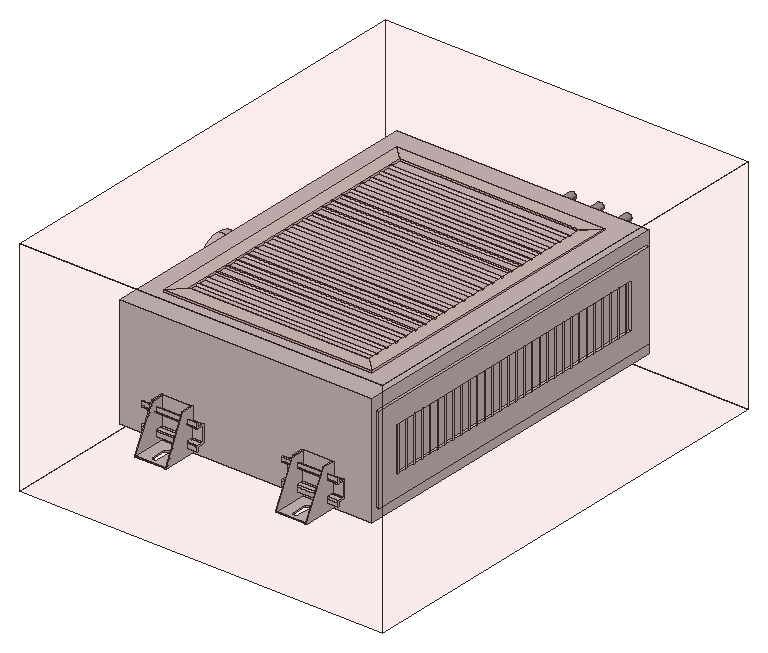
Revit family "York CB-ABB-YK - Horizontal Throw, Bulkhead Mounted Active Chilled Beam,Face Base, Revit 2015 R1.0", category Mechanical Equipment, host Face, Revit 2015
Parameters (values of type "CB-ABB-YK")
  Y-Center Distance = 3/8"  # constant formula
  X-Center Distance = 3/8"  # constant formula
  Select the Water-Coil Connection Side = 1
  Visibilty Of Return Grille Type = if(or([BC-Egg Crate Grille], [LV-Louvered Grille], [Linear Bar Grille(BL)]), 1 = 1, 1 = 0)  # yes
  Visibility Of Perforation Plate = [CP-Circular Perforation]  # no
  Pipe Rotation Angle = if([L - Left Hand], 180.00°, 0.00°)  # 180.00°
  Pipe R = 1/4"  # constant formula
  Pipe Length = A / 2 + 2"  # 14 7/16"
  Pipe L = 2"  # constant formula
  Pipe Distance X5 = 6"  # constant formula
  Pipe Distance X3 = if([2P1C - 2 Pipe Coil], 0", 2")  # 2"
  Pipe Distance X2 = if([2P1C - 2 Pipe Coil], 0", 4")  # 4"
  Pipe Distance X1 = 8"  # constant formula
  Pipe Coil Material = Copper
  Mounting Bracket Visibility = yes
  Min Flow = 0 CFM
  Max Flow = 0 CFM
  Material Selected [instance] = "Galvanealed G90,20 GA Sheet Metal"  # constant formula
  Linear Bar Visibilty = or([Linear Bar Grille(BL)], [BC-Egg Crate Grille])  # no
  Distance = if([4 Pipe LHC], 3", 0")  # 3"
  Dia Of Hole = 3/16"  # constant formula
  Coil Accessory [instance] = ""
  Clearance Visible [instance] = yes
  Clearance Material = Clearance
  Bracket Length = 4"  # constant formula
  Bracket Distance = 1"  # constant formula
  Box Width = 18 1/8"  # constant formula
  Select a Supply Grille = 1
  Sensible Cooling Capacity [instance] = Cooling Air Capacity + Cooling Water Capacity  # 0.0 Btu/h
  Selected Water-Coil Connection Side [instance] = if([L - Left Hand], "L - Left Hand ", if([R - Right Hand], "R - Right Hand", "Invalid Selection"))  # "L - Left Hand "
  Selected Supply Grille Type [instance] = if([L1-Louvered Grille,Single Deflection], "L1-Louvered Grille,Single Deflection", "BL-Linear Bar Grille")  # "L1-Louvered Grille,Single Deflection"
  Selected Return Grille Type [instance] = if([00-None], "00-None", if([CP-Circular Perforation], "CP-Circular Perforation", if([Linear Bar Grille(BL)], "Linear Bar Grille(BL)", if([LV-Louvered Grille], "LV-Louvered Grille", if([BC-Egg Crate Grille], "BC-Egg Crate Grille", "")))))  # "LV-Louvered Grille"
  Selected Air Inlet Size [instance] = if([4" Dia.], "4'' Dia. ", if([5" Dia.], "5'' Dia.", if([6" Dia.], "6'' Dia.", if([8" Dia.], "8'' Dia.", "Invalid Selection"))))  # "4'' Dia. "
  R - Right Hand = [Select the Water-Coil Connection Side] > 1  # no
  Plate Width = 15"  # constant formula
  Plate Support Width = 14"  # constant formula
  Plate Support Height = B / 1.05  # 20"
  L - Left Hand = [Select the Water-Coil Connection Side] < 2  # yes
  Select the Plenum Liner (External) = 1
  M - Manual Air Vent [instance] = 1 = 1  # yes
  E = if([6" Dia.], 6 1/4", if([8" Dia.], 9 3/8", 6 1/4"))  # 6 1/4"
  D - Drain [instance] = no
  D = if([4" Dia.], 3 7/8", if([5" Dia.], 4 7/8", if([6" Dia.], 5 1/4", if([8" Dia.], 5 1/4", 3 7/8"))))  # 3 7/8"
  C = if([2 Feet], 24 1/4", if([3 Feet], 36 1/4", if([4 Feet], 48 1/4", if([5 Feet], 60 1/4", if([6 Feet], 69", 72 1/4")))))  # 24 1/4"
  BC-Egg Crate Grille = Select a Return Grille > 4  # no
  B = if([2 Feet], 21", if([3 Feet], 33", if([4 Feet], 45", if([5 Feet], 57", if([6 Feet], 69", 21")))))  # 21"
  Angle = if([L - Left Hand], 90.00°, 270.00°)  # 90.00°
  A1 = A / 2  # 12 7/16"
  A = if([2 Feet], 24 7/8", if([3 Feet], 36 7/8", if([4 Feet], 48 7/8", if([5 Feet], 60 7/8", if([6 Feet], 72 7/8", 24 7/8")))))  # 24 7/8"
  4 Pipe LHC = [4P1C - 4 Pipe Coil]  # yes
  2 Pipe LHC = or([2P1C - 2 Pipe Coil], [4P1C - 4 Pipe Coil])  # yes
  Water Connection Location Selection = 0
  Version = 3
  Velocity Pressure [instance] = 0.00 in-wg
  URL = "http://www.york.com"
  Total Static Pressure [instance] = 0.00 in-wg
  Total Heating Capacity [instance] = Heating Air Capacity + Heating Water Capacity  # 0.0 Btu/h
  York Products [instance] = "http://www.york.com/for-your-workplace/air-systems/chilled-beams"
  Select a Return Grille = 4
  Throw [instance] = "0"
  Supply Air Pressure Drop [instance] = 0.00 in-wg
  Series = "Chilled Beam"
  Selected Water-Coil Pipe Connection Type [instance] = if([SWT - Sweat], "SWT - Sweat", if([MPT - Male Pipe Thread], "MPT - Male Pipe Thread", if([H12 - SS Flex Hose - 12in], "H12 - SS Flex Hose - 12in", if([H18 - SS Flex Hose - 18in], "H18 - SS Flex Hose - 18in", if([H24 - SS FLex Hose - 24in], "H24 - SS FLex Hose - 24in", "Contact a York Rep")))))  # "SWT - Sweat"
  Selected Air Nozzle Configuration [instance] = if(B1, "B1", if(B2, "B2", if(B3, "B3", if(B4, "B4", ""))))  # "B1"
  Selected Finish [instance] = if([26 White], "26 White", if([84- Black Paint], "84- Black Paint", "X - Special Finish"))  # "26 White"
  Selected Water-Coil Type [instance] = if([2P1C - 2 Pipe Coil], "2P1C - 2 Pipe Coil ", if([4P1C - 4 Pipe Coil], "4P1C - 4 Pipe Coil", "Invalid Selection"))  # "4P1C - 4 Pipe Coil"
  Selected Nominal Beam Length [instance] = if([2 Feet], "2 Feet", if([3 Feet], "3 Feet", if([4 Feet], "4 Feet", if([5 Feet], "5 Feet", if([6 Feet], "6 Feet", "Invalid Selection")))))  # "2 Feet"
  SWT - Sweat = [Select a Water-Coil Piping Connection Type] < 2  # yes
  Room Tag [instance] = "[Enter Tag Here]"
  Relative Humidity [instance] = 0.00%
  Product Manufacturer [instance] = "York"  # constant formula
  Product Documents [instance] = "http://www.york.com/for-your-workplace/air-systems/chilled-beams/horizontal-recessed-active-chilledbulkhead-beam"
  Select a Water-Coil Piping Connection Type = 1
  00-None = Select a Return Grille < 2  # no
  Contoller Software [instance] = "http://www.york.com/Search?searchString=software#"
  Performance Data Sheets [instance] = "http://www.johnsoncontrols.com/-/media/jci/be/united-states/airside-systems/chilled-beams/files/chilled-beams-side-wall-bulkhead-engineering-guide.pdf?la=en"
  Select an Air Nozzle Configuration = 1
  Noise Criteria (dB) [instance] = 0
  Neck Velocity [instance] = 0 FPM
  Neck Size = 10"
  Model Description [instance] = if(and([2P1C - 2 Pipe Coil], [L - Left Hand]), " CB-ABB-YK, 2 - Pipe Coil,Left Hand", if(and([2P1C - 2 Pipe Coil], [R - Right Hand]), " CB-ABB-YK, 2 - Pipe Coil, Right Hand", if(and([4P1C - 4 Pipe Coil], [L - Left Hand]), " CB-ABB-YK, 4 - Pipe Coil, Left Hand", if(and([4P1C - 4 Pipe Coil], [R - Right Hand]), " CB-ABB-YK, 4 - Pipe Coil, Right Hand", " Select a Model"))))  # " CB-ABB-YK, 4 - Pipe Coil, Left Hand"
  Model = if(and([2P1C - 2 Pipe Coil], [L - Left Hand]), " CB-ABB-YK, 2 - Pipe Coil,Left Hand", if(and([2P1C - 2 Pipe Coil], [R - Right Hand]), " CB-ABB-YK, 2 - Pipe Coil, Right Hand", if(and([4P1C - 4 Pipe Coil], [L - Left Hand]), " CB-ABB-YK, 4 - Pipe Coil, Left Hand", if(and([4P1C - 4 Pipe Coil], [R - Right Hand]), " CB-ABB-YK, 4 - Pipe Coil, Right Hand", " Select a Model"))))  # " CB-ABB-YK, 4 - Pipe Coil, Left Hand"
  Select a Finish = 1
  Material = Galvanealed G90,20 GA Sheet Metal
  Manufacturer = "York"  # constant formula
  MPT - Male Pipe Thread = [Select a Water-Coil Piping Connection Type] = 2  # no
  L - ½” EcoShield (Foil Face) = [Select the Plenum Liner (External)] > 1  # no
  BL-Linear Bar Grille = Select a Supply Grille > 1  # no
  Heating Water Leaving Temperature [instance] = 0 °F
  Heating Water Entering Temperature [instance] = 0 °F
  Heating Water Connection Diameter = 1/2"  # constant formula
  Heating Water Capacity [instance] = 0.0 Btu/h
  Heating Leaving Dry Bulb Temperature [instance] = 0 °F
  Heating Entering Dry Bulb Temperature [instance] = 0 °F
  Heating Coil Water Pressure Drop [instance] = 0.00 psi
  Heating Air Capacity [instance] = 0.0 Btu/h
  H24 - SS FLex Hose - 24in = [Select a Water-Coil Piping Connection Type] > 4  # no
  H18 - SS Flex Hose - 18in = [Select a Water-Coil Piping Connection Type] = 4  # no
  H12 - SS Flex Hose - 12in = [Select a Water-Coil Piping Connection Type] = 3  # no
  Linear Bar Grille(BL) = Select a Return Grille = 3  # no
  Design Supply Air Flow [instance] = 0 CFM
  Description = "Concealed Bulkhead Mounted Active Chilled Beam"  # constant formula
  Default Elevation = 0"
  0-No Insulation = [Select the Plenum Liner (External)] < 2  # yes
  Copyright © [instance] = "©2018, York"  # constant formula
  Cooling Water Capacity [instance] = 0.0 Btu/h
  Cooling Leaving Dry Bulb Temperature [instance] = 0 °F
  Cooling Entering Dry Bulb Temperature [instance] = 0 °F
  Cooling Coil Water Pressure Drop [instance] = 0.00 psi
  Cooling Air Capacity [instance] = 0.0 Btu/h
  Contact a York Rep [instance] = "http://www.york.com/for-your-home/find-a-dealer?q="
  Select a Water-Coil Type = 2
  L1-Louvered Grille,Single Deflection = Select a Supply Grille < 2  # yes
  Chilled Water Leaving Temperature [instance] = 0 °F
  Chilled Water Entering Temperature [instance] = 0 °F
  Chilled Water Connection Diameter = 1/2"  # constant formula
  Select a Nominal Beam Length = 1
  B4 = Select an Air Nozzle Configuration > 3  # no
  B3 = Select an Air Nozzle Configuration = 3  # no
  B2 = Select an Air Nozzle Configuration = 2  # no
  B1 = Select an Air Nozzle Configuration < 2  # yes
  LV-Louvered Grille = Select a Return Grille = 4  # yes
  Assembly Code = ""
  Ambient Temperature [instance] = 0 °F
  Air Inlet Front Adapter Visibility = no
  Select an Air Inlet Size = 1
  Air Flow Pattern [instance] = "0"
  Actual Heating Water Flow [instance] = 0 GPM
  Actual Chilled Water Flow [instance] = 0 GPM
  Selected Plenum Liner (External) [instance] = if([0-No Insulation], "0-No Insulation", "L - ½” EcoShield (Foil Face)")  # "0-No Insulation"
  Model Selected [instance] = Model Description  # " CB-ABB-YK, 4 - Pipe Coil, Left Hand"
  84- Black Paint = Select a Finish > 1  # no
  8" Dia. = Select an Air Inlet Size > 3  # no
  6" Dia. = Select an Air Inlet Size = 3  # no
  6 Feet = Select a Nominal Beam Length > 4  # no
  5" Dia. = Select an Air Inlet Size = 2  # no
  5 Feet = Select a Nominal Beam Length = 4  # no
  4P1C - 4 Pipe Coil = [Select a Water-Coil Type] > 1  # yes
  4" Dia. = Select an Air Inlet Size < 2  # yes
  4 Feet = Select a Nominal Beam Length = 3  # no
  3 Feet = Select a Nominal Beam Length = 2  # no
  2P1C - 2 Pipe Coil = [Select a Water-Coil Type] < 2  # no
  26 White = Select a Finish < 2  # yes
  2 Feet = Select a Nominal Beam Length < 2  # yes
  CP-Circular Perforation = Select a Return Grille = 2  # no
  (2) Back Supply = Water Connection Location Selection > 1  # no
  (1) Front Supply = Water Connection Location Selection = 1  # no
  (0) Front and Back Supply = Water Connection Location Selection < 1  # yes
Reference planes (in)
  plane 1 "Center (Front/Back)": y = 0
  plane 2: z = 0
  plane 3 "Center (Left/Right)": x = 0
  plane 4: x = -9.0625
  plane 5: x = 9.0625
  plane 6: z = -8
  plane 7: y = 12.4375
  plane 8: y = -12.4375
  plane 9: z = 0.25
  plane 10: y = 10
  plane 11: y = -10
  plane 12: x = -7
  plane 13: x = 7
  plane 14: z = -4
  plane 15: z = -2
Forms (in)
  Extrusion 1, void
    sketch origin (0, 0, 0) x (1, 0, 0) y (0, 1, 0)
      loop
        line (-9.0625, 12.4375) -> (-9.0625, -12.4375) -> (9.0625, -12.4375) -> (9.0625, 12.4375) -> (-9.0625, 12.4375)
    from 0 to -8
  Extrusion 2, solid, material "Galvanealed G90,20 GA Sheet Metal" <- "Material", detail levels medium+fine
    sketch origin (0, 0, 0) x (1, 0, 0) y (0, 1, 0)
      loop
        line (-9.0625, 12.4375) -> (-9.0625, -12.4375) -> (9.0625, -12.4375) -> (9.0625, 12.4375) -> (-9.0625, 12.4375)
    from 0 to -8
  Extrusion 3, solid, material "Galvanealed G90,20 GA Sheet Metal" <- "Material", detail levels medium+fine
    sketch origin (0, 0, 0) x (1, 0, 0) y (0, 1, 0)
      loop
        line (-7, 10) -> (-7, -10) -> (7, -10) -> (7, 10) -> (-7, 10)
    from 0 to 0.25
  Extrusion 4, solid, material "Clearance" <- "Clearance Material", visible <- "Clearance Visible"
    sketch origin (0, 0, 0) x (1, 0, 0) y (0, 1, 0)
      loop
        line (-13.0625, 16.4375) -> (-13.0625, -16.4375) -> (13.0625, -16.4375) -> (13.0625, 16.4375) -> (-13.0625, 16.4375)
    from -12 to 4
Lines and regions (in)
  model lines, style "Model Line", detail levels coarse
    curve 1: line (-9.0625, 12.4375, 0) -> (9.0625, 12.4375, 0)
    curve 2: line (-9.0625, -12.4375, 0) -> (-9.0625, 12.4375, 0)
    curve 3: line (9.0625, -12.4375, 0) -> (-9.0625, -12.4375, 0)
    curve 4: line (9.0625, 12.4375, 0) -> (9.0625, -12.4375, 0)
    curve 5: line (-9.0625, 12.4375, -8) -> (9.0625, 12.4375, -8)
    curve 6: line (-9.0625, -12.4375, -8) -> (-9.0625, 12.4375, -8)
    curve 7: line (9.0625, -12.4375, -8) -> (-9.0625, -12.4375, -8)
    curve 8: line (9.0625, 12.4375, -8) -> (9.0625, -12.4375, -8)
    curve 9: line (9.0625, -12.4375, -8) -> (9.0625, -12.4375, 0)
    curve 10: line (-9.0625, -12.4375, -8) -> (-9.0625, -12.4375, 0)
    curve 11: line (9.0625, 12.4375, -8) -> (9.0625, 12.4375, 0)
    curve 12: line (-9.0625, 12.4375, -8) -> (-9.0625, 12.4375, 0)
Dimensions and locks (in)
  equal spacing: Extrusion 1 sketch curve, plane 3 "Center (Left/Right)", Extrusion 1 sketch curve
  equal spacing: Extrusion 1 sketch curve, plane 1 "Center (Front/Back)", Extrusion 1 sketch curve
  equal spacing: plane 4, plane 3 "Center (Left/Right)", plane 5
  "Box Width": plane 4 to plane 5
  locked: plane 2 to plane 6 at 8
  equal spacing: plane 7, plane 1 "Center (Front/Back)", plane 8
  "A": plane 7 to plane 8
  locked: plane 9 to plane 2 at 0.25
  equal spacing: plane 10, plane 1 "Center (Front/Back)", plane 11
  equal spacing: plane 12, plane 3 "Center (Left/Right)", plane 13
  "Plate Support Width": plane 12 to plane 13
  "Plate Support Height": plane 10 to plane 11
  locked: plane 14 to plane 6 at 4
  locked: plane 5 to Extrusion 4 sketch curve at 4
  locked: Extrusion 4 sketch curve to plane 4 at 4
  locked: Extrusion 4 sketch curve to plane 7 at 4
  locked: plane 8 to Extrusion 4 sketch curve at 4
  locked: Extrusion 4 to plane 2 at 4
  locked: plane 6 to Extrusion 4 at 4
  locked: nested 5 to plane 2 at 6
  locked: nested 6 to plane 5 at 6
  locked: plane 15 to plane 6 at 6
  locked: plane 4 to nested 11 at 2
  locked: nested 12 to plane 5 at 2
  locked: nested 9 to plane 5 at 2
  locked: plane 4 to nested 10 at 2
  aligned and locked: plane 2 to host face
  aligned and locked: level to host face
  aligned and locked: Extrusion 1 to plane 2
  aligned and locked: Extrusion 2 sketch curve to plane 7
  aligned and locked: plane 4 to Extrusion 2 sketch curve
  aligned and locked: plane 8 to Extrusion 2 sketch curve
  aligned and locked: Extrusion 2 sketch curve to plane 5
  aligned and locked: Extrusion 2 to plane 2
  aligned and locked: Extrusion 2 to plane 6
  aligned and locked: nested 1 to plane 1 "Center (Front/Back)"
  aligned and locked: nested 1 to plane 4
  aligned and locked: Extrusion 3 sketch curve to plane 10
  aligned and locked: plane 12 to Extrusion 3 sketch curve
  aligned and locked: plane 11 to Extrusion 3 sketch curve
  aligned and locked: Extrusion 3 sketch curve to plane 13
  aligned and locked: Extrusion 3 to plane 2
  aligned and locked: plane 9 to Extrusion 3
  aligned and locked: nested 2 to plane 9
  aligned and locked: plane 14 to nested 1
  aligned and locked: plane 14 to nested 3
  aligned and locked: plane 1 "Center (Front/Back)" to nested 3
  aligned and locked: plane 5 to nested 3
  aligned and locked: plane 4 to Extrusion 1 sketch curve
  aligned and locked: Extrusion 1 sketch curve to plane 7
  aligned and locked: plane 3 "Center (Left/Right)" to nested 4
  aligned and locked: plane 1 "Center (Front/Back)" to nested 4
  aligned and locked: Extrusion 1 to plane 6
  aligned and locked: curve 1 to Extrusion 2
  aligned and locked: curve 2 to Extrusion 2
  aligned and locked: plane 8 to curve 3
  aligned and locked: curve 4 to plane 5
  aligned and locked: curve 5 to plane 7
  aligned and locked: curve 8 to plane 5
  aligned and locked: plane 8 to curve 7
  aligned and locked: plane 4 to curve 6
  aligned and locked: plane 4 to curve 10
  aligned and locked: plane 5 to curve 9
  aligned and locked: curve 12 to curve 10
  aligned and locked: curve 11 to curve 9
  aligned and locked: plane 3 "Center (Left/Right)" to nested 5
  aligned and locked: plane 14 to nested 6
  aligned and locked: nested 2 to plane 1 "Center (Front/Back)"
  aligned and locked: plane 3 "Center (Left/Right)" to nested 2
  aligned and locked: plane 1 "Center (Front/Back)" to nested 7
  aligned and locked: plane 3 "Center (Left/Right)" to nested 7
  aligned and locked: plane 9 to nested 7
  aligned and locked: plane 1 "Center (Front/Back)" to nested 8
  aligned and locked: nested 8 to plane 3 "Center (Left/Right)"
  aligned and locked: plane 15 to nested 8
  aligned and locked: plane 7 to nested 9
  aligned and locked: plane 7 to nested 10
  aligned and locked: nested 12 to plane 8
  aligned and locked: nested 11 to plane 8
  aligned and locked: nested 12 to plane 6
  aligned and locked: nested 11 to plane 6
  aligned and locked: nested 9 to plane 6
  aligned and locked: nested 10 to plane 6
Automatic sketch dimensions
  host sketch curve to host sketch curve = 96"  (x2)
  curve 9 to curve 4 = 0"
  curve 4 to curve 9 = 8"
  curve 11 to curve 4 = 0"
  curve 4 to curve 11 = 8"
  curve 10 to curve 4 = 0"
  curve 10 to curve 10 = 8"
  curve 12 to curve 4 = 0"
  curve 12 to curve 12 = 8"
Nested families (in)
  nested 1: "Duct Connection" at (-9.0625, 0, -17.75) x (-1, 0, 0) z (0, 0, 1), type "Duct Connection", detail levels medium+fine
    with Di 2.71739", E 6 1/4"
  nested 2: "Perforated Grille Plate" at (0, 0, 0.25) x (0, 1, 0) z (0, 0, 1), Plate H <- "Plate Width", Plate W <- "B", Dia Of Hole <- "Dia Of Hole", X Center Distance <- "X-Center Distance", Y Center Distance <- "Y-Center Distance", Plate Material <- "Material", type "Perforated Hole plate", not visible, detail levels medium+fine
    with Y Distance 1/2", Y Center Distance 3/8", X/2 3/16", X distance 1/2", X Center Distance 3/8", Plate thk 1/16", Plate W 21", Plate Material Galvanealed G90,20 GA Sheet Metal, Plate H 15", Dia Of Hole 3/16", Visibilty no
  nested 3: "Return Grille" at (9.0625, 0, -4), C <- "C", Material <- "Material", type "Return Grille", detail levels medium+fine
    with Thickness 1 1/2", Material Galvanealed G90,20 GA Sheet Metal, C 24 1/4", Array 2 30, Array 22, Linear Bar Grille no
  nested 4: "Model Name" at (0, 0, 0), type "Model Name"
  nested 5: "Arrow - (Show Direction)" at (0, -4.0625, 6) x (1, 0, 0) z (0, 1, 0), type "Arrow", detail levels coarse
    with Arrow Hatch Yes/No no
  nested 6: "Arrow - (Show Direction)" at (15.0625, -4.0625, -4) x (0, 0, 1) z (0, 1, 0), type "Arrow", detail levels coarse
    with Arrow Hatch Yes/No no
  nested 7: "Grille Plate" at (0, 0, 0.25), Return Grille Type <- "Visibilty Of Return Grille Type", type "Grille Plate", detail levels medium+fine
    with Return Grille Type yes, Louvered Grille yes, Linear Bar Grille no, Egg Crate Grille no
  nested 8: "Pipe Rotation" at (0, 0, -1.16045) x (0, 1, 0) z (0, 0, -1), Angle <- "Pipe Rotation Angle", Material <- "Pipe Coil Material", Length Of Pipe <- "Pipe Length", Pipe L <- "Pipe L", Pipe R <- "Pipe R", X1 <- "Pipe Distance X1", X2 <- "Pipe Distance X2", X3 <- "Pipe Distance X3", X5 <- "Pipe Distance X5", type "Pipe Rotation", detail levels medium+fine
    with X5 6", X3 2", X2 4", X1 8", Pipe R 1/4", Pipe L 2", Material Copper, Length Of Pipe 14 7/16", Angle 180.00°
  nested 9: "Mounting Bracket 2" at (7.0625, 12.4375, -5) x (0, 1, 0) z (0, 0, 1), Bracket Lenght <- "Bracket Length", Adustable Bracket Distance <- "Bracket Distance", visible <- "Mounting Bracket Visibility", type "Bracket 1", detail levels medium+fine
    with Visibility yes, Support Height 3", Bracket Lenght 4", Adustable Bracket Distance 1"
  nested 10: "Mounting Bracket 2" at (-3.0625, 12.4375, -5) x (0, 1, 0) z (0, 0, 1), Bracket Lenght <- "Bracket Length", Adustable Bracket Distance <- "Bracket Distance", visible <- "Mounting Bracket Visibility", type "Bracket 2", detail levels medium+fine
    with Visibility yes, Support Height 3", Bracket Lenght 4", Adustable Bracket Distance 1"
  nested 11: "Mounting Bracket 2" at (-7.0625, -12.4375, -5) x (0, -1, 0) z (0, 0, 1), Bracket Lenght <- "Bracket Length", Adustable Bracket Distance <- "Bracket Distance", visible <- "Mounting Bracket Visibility", type "Bracket 3", detail levels medium+fine
    with Visibility yes, Support Height 3", Bracket Lenght 4", Adustable Bracket Distance 1"
  nested 12: "Mounting Bracket 2" at (3.0625, -12.4375, -5) x (0, -1, 0) z (0, 0, 1), Bracket Lenght <- "Bracket Length", Adustable Bracket Distance <- "Bracket Distance", visible <- "Mounting Bracket Visibility", type "Bracket 4", detail levels medium+fine
    with Visibility yes, Support Height 3", Bracket Lenght 4", Adustable Bracket Distance 1"
Connectors (in)
  hvac at (-11.9375, 0, -4), driven by "D"
    settings: on nested 1, index 9, duct flow 0 CFM, flow factor 0, pres drop 0.00 in-wg, loss coef 0, conn angle 0.00°, conn width 12", conn height 12", conn diameter 3 7/8", duct sys type 1, conn prof type 0, flow config 0, flow direction 1, loss method 0, conn ref index -1, conn util no, is conn primary yes, conn desc "Round Duct Connector"
  hvac at (-11.9375, 0, -4), driven by "D", driven by "E"
    settings: on nested 1, index 10, duct flow 0 CFM, flow factor 0, pres drop 0.00 in-wg, loss coef 0, conn angle 0.00°, conn width 6 1/4", conn height 3 7/8", conn diameter 24", duct sys type 1, conn prof type 2, flow config 0, flow direction 1, loss method 0, conn ref index -1, conn util no, is conn primary no, conn desc "Oval Duct Connector"
  piping at (-2, 14.4375, -2), diameter 0.5
    settings: on nested 8, index 15, connector inside diameter 24", connector length 0", flow factor 0, pipe flow 0 GPM, pressure drop 0.00 psi, fitting loss kfactor 0, connector angle 0.00°, fixture units 0, engagement length 0", angle of deflection 0.00°, flow configuration 0, flow direction 2, fitting loss method 0, system type 8, joint type 0, gender type 0, connector reference index -1, connector utility 0, adjustable connector no, is connector primary yes, connector description "CR"
  piping at (2, 14.4375, -1.16045), diameter 0.5
    settings: on nested 8, index 16, connector inside diameter 24", connector length 0", flow factor 0, pipe flow 0 GPM, pressure drop 0.00 psi, fitting loss kfactor 0, connector angle 0.00°, fixture units 0, engagement length 0", angle of deflection 0.00°, flow configuration 0, flow direction 2, fitting loss method 0, system type 8, joint type 0, gender type 0, connector reference index -1, connector utility 0, adjustable connector no, is connector primary no, connector description "HR"
  piping at (4, 14.4375, -1.16045), diameter 0.5
    settings: on nested 8, index 17, connector inside diameter 24", connector length 0", flow factor 0, pipe flow 0 GPM, pressure drop 0.00 psi, fitting loss kfactor 0, connector angle 0.00°, fixture units 0, engagement length 0", angle of deflection 0.00°, flow configuration 0, flow direction 1, fitting loss method 0, system type 7, joint type 0, gender type 0, connector reference index -1, connector utility 0, adjustable connector no, is connector primary no, connector description "HS"
  piping at (6, 14.4375, -1.16045), diameter 0.5
    settings: on nested 8, index 18, connector inside diameter 24", connector length 0", flow factor 0, pipe flow 0 GPM, pressure drop 0.00 psi, fitting loss kfactor 0, connector angle 0.00°, fixture units 0, engagement length 0", angle of deflection 0.00°, flow configuration 0, flow direction 1, fitting loss method 0, system type 7, joint type 0, gender type 0, connector reference index -1, connector utility 0, adjustable connector no, is connector primary no, connector description "CS"
Definition of nested family "Duct Connection"
  Parameters (values of type "Duct Connection")
    Round Duct On = if(D < 5", 1 = 1, 1 = 0)  # yes
    Oval Duct On = if(D > 5", 1 = 1, 1 = 0)  # no
    Material = none
    Inner Distance = D / 2  # 1 15/16"
    Inner Dia = Inner Distance - 1/4"  # 1 11/16"
    Di = E / 2.3  # 2.55435"
    Default Elevation = 48"
    E = 5 7/8"
    D = 3 7/8"
  Reference planes (in)
    plane 1 "Center (Front/Back)": y = 0
    plane 2: z = 0
    plane 3 "Center (Left/Right)": x = 0
    plane 4: z = 13.75
    plane 5: z = 11.8125
    plane 6: z = 15.6875
    plane 7: x = 2.875
    plane 8: z = 15.9375
    plane 9: x = 0.25
    plane 10: y = 2.9375
    plane 11: y = -2.9375
  Forms (in)
    Revolve 1, solid, material <- "Material", visible <- "Round Duct On"
      sketch origin (0, 0, 0) x (1, 0, 0) y (0, 0, 1)
        loop
          line (0, 15.9375) -> (0, 15.625) -> (2.875, 15.625) -> (2.875, 15.6875) -> (0.25, 15.6875) -> (0, 15.9375)
        axis (0, 13.75) -> (2.875, 13.75)
      angle from 0 to 360
    Extrusion 2, solid, material <- "Material", visible <- "Oval Duct On"
      sketch origin (0, 0, 0) x (0, 1, 0) y (0, 0, 1)
        loop
          arc (-1, 15.6875) -> (-2.9375, 13.75) -> (-1, 11.8125) r 1.9375
          line (-1, 11.8125) -> (1, 11.8125)
          arc (1, 11.8125) -> (2.9375, 13.75) -> (1, 15.6875) r 1.9375
          line (1, 15.6875) -> (-1, 15.6875)
        loop
          arc (-1, 15.4375) -> (-2.6875, 13.75) -> (-1, 12.0625) r 1.6875
          line (-1, 12.0625) -> (1, 12.0625)
          arc (1, 12.0625) -> (2.6875, 13.75) -> (1, 15.4375) r 1.6875
          line (1, 15.4375) -> (-1, 15.4375)
      from 0 to 2.875
  Dimensions and locks (in)
    locked: plane 4 to plane 2 at 13.75
    equal spacing: plane 6, plane 4, plane 5
    "D": plane 6 to plane 5
    locked: plane 7 to plane 3 "Center (Left/Right)" at 2.875
    locked: plane 8 to plane 6 at 0.25
    locked: plane 9 to plane 3 "Center (Left/Right)" at 0.25
    locked: Revolve 1 sketch curve to Revolve 1 sketch curve at 0.0625
    equal spacing: plane 10, plane 1 "Center (Front/Back)", plane 11
    "E": plane 10 to plane 11
    locked: Extrusion 2 sketch curve to plane 10
    locked: plane 11 to Extrusion 2 sketch curve
    equal spacing: Extrusion 2 sketch curve, plane 4, Extrusion 2 sketch curve
    locked: Extrusion 2 sketch curve to Extrusion 2 sketch curve at 0.25
    "Inner Distance": radius of Extrusion 2 sketch curve  (x2)
    "Inner Dia": radius of Extrusion 2 sketch curve  (x2)
    aligned and locked: plane 2 to level
    aligned and locked: plane 6 to Revolve 1 sketch curve
    aligned and locked: Revolve 1 sketch curve to plane 7
    aligned and locked: plane 3 "Center (Left/Right)" to Revolve 1 sketch curve
    aligned and locked: Revolve 1 sketch curve to plane 4
    aligned and locked: plane 4 to Extrusion 2 sketch curve
    aligned and locked: Extrusion 2 to plane 3 "Center (Left/Right)"
    aligned and locked: plane 7 to Extrusion 2
  Automatic sketch dimensions
    Revolve 1 sketch curve to plane 9 = 0"
    Revolve 1 sketch curve to plane 8 = 0"
    Revolve 1 sketch curve to plane 3 "Center (Left/Right)" = 12.68573"
    plane 7 to Revolve 1 sketch curve = 23.46585"
    Extrusion 2 sketch curve to Extrusion 2 sketch curve = 0"  (x2)
Definition of nested family "Return Grille"
  Parameters (values of type "Return Grille")
    Thickness [instance] = 1 1/2"  # constant formula
    Material [instance] = none
    Louvered Grille = yes
    Linear Bar Grille = yes
    Distance Between Array = 3/4"  # constant formula
    C [instance] = 18"
    Array 2 [instance] = Array + 8  # 24
    Array [instance] = C / 1 13/128"  # 16
  Reference planes (in)
    plane 1 "Center (Front/Back)": y = 0
    plane 2: z = 0
    plane 3 "Center (Left/Right)": x = 0
    plane 4: y = -9
    plane 5: y = 9
    plane 6: z = 3.125
    plane 7: z = -3.125
    plane 8: x = 0.25
    plane 9: y = -9
    plane 10: y = 4.5
    plane 11: y = -8.1
    plane 12: y = -7.2
    plane 13: y = -6.3
    plane 14: y = -5.4
    plane 15: y = -4.5
    plane 16: y = -3.6
    plane 17: y = -2.7
    plane 18: y = -1.8
    plane 19: y = -0.9
    plane 20: y = 0
    plane 21: y = 0.9
    plane 22: y = 1.8
    plane 23: y = 2.7
    plane 24: y = 3.6
    plane 25: x = 0
    plane 26: x = 0.25
    plane 27: x = 0
    plane 28: x = 0.25
    plane 29: x = 0
    plane 30: x = 0.25
    plane 31: x = 0
    plane 32: x = 0.25
    plane 33: x = 0
    plane 34: x = 0.25
    plane 35: x = 0
    plane 36: x = 0.25
    plane 37: x = 0
    plane 38: x = 0.25
    plane 39: x = 0
    plane 40: x = 0.25
    plane 41: x = 0
    plane 42: x = 0.25
    plane 43: x = 0
    plane 44: x = 0.25
    plane 45: x = 0
    plane 46: x = 0.25
    plane 47: x = 0
    plane 48: x = 0.25
    plane 49: x = 0
    plane 50: x = 0.25
    plane 51: x = 0
    plane 52: x = 0.25
    plane 53: x = 0
    plane 54: x = 0.25
    plane 55: x = 0
    plane 56: x = 0.25
    plane 57: x = 0
    plane 58: x = 0.25
    plane 59: x = 0
    plane 60: x = 0.25
    plane 61: x = 0
    plane 62: x = 0.25
    plane 63: x = 0
    plane 64: x = 0.25
    plane 65: x = 0
    plane 66: x = 0.25
    plane 67: x = 0
    plane 68: x = 0.25
    plane 69: x = 0
    plane 70: x = 0.25
    plane 71: x = 0
    plane 72: x = 0.25
  Forms (in)
    Extrusion 1, solid, material <- "Material"
      sketch origin (0, 0, 0) x (0, 1, 0) y (0, 0, 1)
        loop
          line (-9, 3.125) -> (-9, -3.125) -> (9, -3.125) -> (9, 3.125) -> (-9, 3.125)
        loop
          line (-7.5, 1.625) -> (-7.5, -1.625) -> (7.5, -1.625) -> (7.5, 1.625) -> (-7.5, 1.625)
      from 0 to 0.25
    Extrusion 2, solid, material <- "Material", visible <- "Linear Bar Grille"
      sketch origin (0, 0, 0) x (0, 1, 0) y (0, 0, 1)
        loop
          line (-7, 1.625) -> (-7, -1.625) -> (-6.75, -1.625) -> (-6.75, 1.625) -> (-7, 1.625)
      from 0 to 0.25
    Extrusion 3, solid, material <- "Material", visible <- "Linear Bar Grille"
      sketch origin (0, 13.5, 0) x (0, 1, 0) y (0, 0, 1)
        loop
          line (-7, 1.625) -> (-7, -1.625) -> (-6.75, -1.625) -> (-6.75, 1.625) -> (-7, 1.625)
      from 0 to 0.25
    Extrusion 4, solid, material <- "Material", visible <- "Linear Bar Grille"
      sketch origin (0, 0.9, 0) x (0, 1, 0) y (0, 0, 1)
        loop
          line (-7, 1.625) -> (-7, -1.625) -> (-6.75, -1.625) -> (-6.75, 1.625) -> (-7, 1.625)
      from 0 to 0.25
    Extrusion 5, solid, material <- "Material", visible <- "Linear Bar Grille"
      sketch origin (0, 1.8, 0) x (0, 1, 0) y (0, 0, 1)
        loop
          line (-7, 1.625) -> (-7, -1.625) -> (-6.75, -1.625) -> (-6.75, 1.625) -> (-7, 1.625)
      from 0 to 0.25
    Extrusion 6, solid, material <- "Material", visible <- "Linear Bar Grille"
      sketch origin (0, 2.7, 0) x (0, 1, 0) y (0, 0, 1)
        loop
          line (-7, 1.625) -> (-7, -1.625) -> (-6.75, -1.625) -> (-6.75, 1.625) -> (-7, 1.625)
      from 0 to 0.25
    Extrusion 7, solid, material <- "Material", visible <- "Linear Bar Grille"
      sketch origin (0, 3.6, 0) x (0, 1, 0) y (0, 0, 1)
        loop
          line (-7, 1.625) -> (-7, -1.625) -> (-6.75, -1.625) -> (-6.75, 1.625) -> (-7, 1.625)
      from 0 to 0.25
    Extrusion 8, solid, material <- "Material", visible <- "Linear Bar Grille"
      sketch origin (0, 4.5, 0) x (0, 1, 0) y (0, 0, 1)
        loop
          line (-7, 1.625) -> (-7, -1.625) -> (-6.75, -1.625) -> (-6.75, 1.625) -> (-7, 1.625)
      from 0 to 0.25
    Extrusion 9, solid, material <- "Material", visible <- "Linear Bar Grille"
      sketch origin (0, 5.4, 0) x (0, 1, 0) y (0, 0, 1)
        loop
          line (-7, 1.625) -> (-7, -1.625) -> (-6.75, -1.625) -> (-6.75, 1.625) -> (-7, 1.625)
      from 0 to 0.25
    Extrusion 10, solid, material <- "Material", visible <- "Linear Bar Grille"
      sketch origin (0, 6.3, 0) x (0, 1, 0) y (0, 0, 1)
        loop
          line (-7, 1.625) -> (-7, -1.625) -> (-6.75, -1.625) -> (-6.75, 1.625) -> (-7, 1.625)
      from 0 to 0.25
    Extrusion 11, solid, material <- "Material", visible <- "Linear Bar Grille"
      sketch origin (0, 7.2, 0) x (0, 1, 0) y (0, 0, 1)
        loop
          line (-7, 1.625) -> (-7, -1.625) -> (-6.75, -1.625) -> (-6.75, 1.625) -> (-7, 1.625)
      from 0 to 0.25
    Extrusion 12, solid, material <- "Material", visible <- "Linear Bar Grille"
      sketch origin (0, 8.1, 0) x (0, 1, 0) y (0, 0, 1)
        loop
          line (-7, 1.625) -> (-7, -1.625) -> (-6.75, -1.625) -> (-6.75, 1.625) -> (-7, 1.625)
      from 0 to 0.25
    Extrusion 13, solid, material <- "Material", visible <- "Linear Bar Grille"
      sketch origin (0, 9, 0) x (0, 1, 0) y (0, 0, 1)
        loop
          line (-7, 1.625) -> (-7, -1.625) -> (-6.75, -1.625) -> (-6.75, 1.625) -> (-7, 1.625)
      from 0 to 0.25
    Extrusion 14, solid, material <- "Material", visible <- "Linear Bar Grille"
      sketch origin (0, 9.9, 0) x (0, 1, 0) y (0, 0, 1)
        loop
          line (-7, 1.625) -> (-7, -1.625) -> (-6.75, -1.625) -> (-6.75, 1.625) -> (-7, 1.625)
      from 0 to 0.25
    Extrusion 15, solid, material <- "Material", visible <- "Linear Bar Grille"
      sketch origin (0, 10.8, 0) x (0, 1, 0) y (0, 0, 1)
        loop
          line (-7, 1.625) -> (-7, -1.625) -> (-6.75, -1.625) -> (-6.75, 1.625) -> (-7, 1.625)
      from 0 to 0.25
    Extrusion 16, solid, material <- "Material", visible <- "Linear Bar Grille"
      sketch origin (0, 11.7, 0) x (0, 1, 0) y (0, 0, 1)
        loop
          line (-7, 1.625) -> (-7, -1.625) -> (-6.75, -1.625) -> (-6.75, 1.625) -> (-7, 1.625)
      from 0 to 0.25
    Extrusion 17, solid, material <- "Material", visible <- "Linear Bar Grille"
      sketch origin (0, 12.6, 0) x (0, 1, 0) y (0, 0, 1)
        loop
          line (-7, 1.625) -> (-7, -1.625) -> (-6.75, -1.625) -> (-6.75, 1.625) -> (-7, 1.625)
      from 0 to 0.25
    Extrusion 18, solid, material <- "Material", visible <- "Louvered Grille"
      sketch origin (0, 0, 0) x (1, 0, 0) y (0, 1, 0)
        loop
          line (0.25, -7.2668) -> (0.25, -7.2043) -> (0, -6.9543) -> (0, -7.0168) -> (0.25, -7.2668)
      from -1.625 to 1.625
    Extrusion 19, solid, material <- "Material", visible <- "Louvered Grille"
      sketch origin (0, 14.21875, 0) x (1, 0, 0) y (0, 1, 0)
        loop
          line (0.25, -7.2668) -> (0.25, -7.2043) -> (0, -6.9543) -> (0, -7.0168) -> (0.25, -7.2668)
      from -1.625 to 1.625
    Extrusion 20, solid, material <- "Material", visible <- "Louvered Grille"
      sketch origin (0, 0.61821, 0) x (1, 0, 0) y (0, 1, 0)
        loop
          line (0.25, -7.2668) -> (0.25, -7.2043) -> (0, -6.9543) -> (0, -7.0168) -> (0.25, -7.2668)
      from -1.625 to 1.625
    Extrusion 21, solid, material <- "Material", visible <- "Louvered Grille"
      sketch origin (0, 1.23641, 0) x (1, 0, 0) y (0, 1, 0)
        loop
          line (0.25, -7.2668) -> (0.25, -7.2043) -> (0, -6.9543) -> (0, -7.0168) -> (0.25, -7.2668)
      from -1.625 to 1.625
    Extrusion 22, solid, material <- "Material", visible <- "Louvered Grille"
      sketch origin (0, 1.85462, 0) x (1, 0, 0) y (0, 1, 0)
        loop
          line (0.25, -7.2668) -> (0.25, -7.2043) -> (0, -6.9543) -> (0, -7.0168) -> (0.25, -7.2668)
      from -1.625 to 1.625
    Extrusion 23, solid, material <- "Material", visible <- "Louvered Grille"
      sketch origin (0, 2.47283, 0) x (1, 0, 0) y (0, 1, 0)
        loop
          line (0.25, -7.2668) -> (0.25, -7.2043) -> (0, -6.9543) -> (0, -7.0168) -> (0.25, -7.2668)
      from -1.625 to 1.625
    Extrusion 24, solid, material <- "Material", visible <- "Louvered Grille"
      sketch origin (0, 3.09103, 0) x (1, 0, 0) y (0, 1, 0)
        loop
          line (0.25, -7.2668) -> (0.25, -7.2043) -> (0, -6.9543) -> (0, -7.0168) -> (0.25, -7.2668)
      from -1.625 to 1.625
    Extrusion 25, solid, material <- "Material", visible <- "Louvered Grille"
      sketch origin (0, 3.70924, 0) x (1, 0, 0) y (0, 1, 0)
        loop
          line (0.25, -7.2668) -> (0.25, -7.2043) -> (0, -6.9543) -> (0, -7.0168) -> (0.25, -7.2668)
      from -1.625 to 1.625
    Extrusion 26, solid, material <- "Material", visible <- "Louvered Grille"
      sketch origin (0, 4.32745, 0) x (1, 0, 0) y (0, 1, 0)
        loop
          line (0.25, -7.2668) -> (0.25, -7.2043) -> (0, -6.9543) -> (0, -7.0168) -> (0.25, -7.2668)
      from -1.625 to 1.625
    Extrusion 27, solid, material <- "Material", visible <- "Louvered Grille"
      sketch origin (0, 4.94565, 0) x (1, 0, 0) y (0, 1, 0)
        loop
          line (0.25, -7.2668) -> (0.25, -7.2043) -> (0, -6.9543) -> (0, -7.0168) -> (0.25, -7.2668)
      from -1.625 to 1.625
    Extrusion 28, solid, material <- "Material", visible <- "Louvered Grille"
      sketch origin (0, 5.56386, 0) x (1, 0, 0) y (0, 1, 0)
        loop
          line (0.25, -7.2668) -> (0.25, -7.2043) -> (0, -6.9543) -> (0, -7.0168) -> (0.25, -7.2668)
      from -1.625 to 1.625
    Extrusion 29, solid, material <- "Material", visible <- "Louvered Grille"
      sketch origin (0, 6.18207, 0) x (1, 0, 0) y (0, 1, 0)
        loop
          line (0.25, -7.2668) -> (0.25, -7.2043) -> (0, -6.9543) -> (0, -7.0168) -> (0.25, -7.2668)
      from -1.625 to 1.625
    Extrusion 30, solid, material <- "Material", visible <- "Louvered Grille"
      sketch origin (0, 6.80027, 0) x (1, 0, 0) y (0, 1, 0)
        loop
          line (0.25, -7.2668) -> (0.25, -7.2043) -> (0, -6.9543) -> (0, -7.0168) -> (0.25, -7.2668)
      from -1.625 to 1.625
    Extrusion 31, solid, material <- "Material", visible <- "Louvered Grille"
      sketch origin (0, 7.41848, 0) x (1, 0, 0) y (0, 1, 0)
        loop
          line (0.25, -7.2668) -> (0.25, -7.2043) -> (0, -6.9543) -> (0, -7.0168) -> (0.25, -7.2668)
      from -1.625 to 1.625
    Extrusion 32, solid, material <- "Material", visible <- "Louvered Grille"
      sketch origin (0, 8.03668, 0) x (1, 0, 0) y (0, 1, 0)
        loop
          line (0.25, -7.2668) -> (0.25, -7.2043) -> (0, -6.9543) -> (0, -7.0168) -> (0.25, -7.2668)
      from -1.625 to 1.625
    Extrusion 33, solid, material <- "Material", visible <- "Louvered Grille"
      sketch origin (0, 8.65489, 0) x (1, 0, 0) y (0, 1, 0)
        loop
          line (0.25, -7.2668) -> (0.25, -7.2043) -> (0, -6.9543) -> (0, -7.0168) -> (0.25, -7.2668)
      from -1.625 to 1.625
    Extrusion 34, solid, material <- "Material", visible <- "Louvered Grille"
      sketch origin (0, 9.2731, 0) x (1, 0, 0) y (0, 1, 0)
        loop
          line (0.25, -7.2668) -> (0.25, -7.2043) -> (0, -6.9543) -> (0, -7.0168) -> (0.25, -7.2668)
      from -1.625 to 1.625
    Extrusion 35, solid, material <- "Material", visible <- "Louvered Grille"
      sketch origin (0, 9.8913, 0) x (1, 0, 0) y (0, 1, 0)
        loop
          line (0.25, -7.2668) -> (0.25, -7.2043) -> (0, -6.9543) -> (0, -7.0168) -> (0.25, -7.2668)
      from -1.625 to 1.625
    Extrusion 36, solid, material <- "Material", visible <- "Louvered Grille"
      sketch origin (0, 10.50951, 0) x (1, 0, 0) y (0, 1, 0)
        loop
          line (0.25, -7.2668) -> (0.25, -7.2043) -> (0, -6.9543) -> (0, -7.0168) -> (0.25, -7.2668)
      from -1.625 to 1.625
    Extrusion 37, solid, material <- "Material", visible <- "Louvered Grille"
      sketch origin (0, 11.12772, 0) x (1, 0, 0) y (0, 1, 0)
        loop
          line (0.25, -7.2668) -> (0.25, -7.2043) -> (0, -6.9543) -> (0, -7.0168) -> (0.25, -7.2668)
      from -1.625 to 1.625
    Extrusion 38, solid, material <- "Material", visible <- "Louvered Grille"
      sketch origin (0, 11.74592, 0) x (1, 0, 0) y (0, 1, 0)
        loop
          line (0.25, -7.2668) -> (0.25, -7.2043) -> (0, -6.9543) -> (0, -7.0168) -> (0.25, -7.2668)
      from -1.625 to 1.625
    Extrusion 39, solid, material <- "Material", visible <- "Louvered Grille"
      sketch origin (0, 12.36413, 0) x (1, 0, 0) y (0, 1, 0)
        loop
          line (0.25, -7.2668) -> (0.25, -7.2043) -> (0, -6.9543) -> (0, -7.0168) -> (0.25, -7.2668)
      from -1.625 to 1.625
    Extrusion 40, solid, material <- "Material", visible <- "Louvered Grille"
      sketch origin (0, 12.98234, 0) x (1, 0, 0) y (0, 1, 0)
        loop
          line (0.25, -7.2668) -> (0.25, -7.2043) -> (0, -6.9543) -> (0, -7.0168) -> (0.25, -7.2668)
      from -1.625 to 1.625
    Extrusion 41, solid, material <- "Material", visible <- "Louvered Grille"
      sketch origin (0, 13.60054, 0) x (1, 0, 0) y (0, 1, 0)
        loop
          line (0.25, -7.2668) -> (0.25, -7.2043) -> (0, -6.9543) -> (0, -7.0168) -> (0.25, -7.2668)
      from -1.625 to 1.625
  Dimensions and locks (in)
    equal spacing: plane 4, plane 1 "Center (Front/Back)", plane 5
    "C": plane 4 to plane 5
    equal spacing: plane 7, plane 2, plane 6
    locked: plane 7 to plane 6 at 6.25
    plane 8 to plane 3 "Center (Left/Right)" = 1/4"
    "Thickness": Extrusion 1 sketch curve to plane 5
    "Thickness": Extrusion 1 sketch curve to Extrusion 1 sketch curve
    "Thickness": Extrusion 1 sketch curve to plane 7
    "Thickness": Extrusion 1 sketch curve to plane 6
    locked: plane 9 to Extrusion 2 sketch curve at 2
    locked: Extrusion 2 sketch curve to Extrusion 2 sketch curve at 0.25
    locked: plane 10 to Extrusion 3 sketch curve at 2
    locked: Extrusion 3 sketch curve to Extrusion 3 sketch curve at 0.25
    equal spacing: group 1, group 3, group 4, group 5, group 6, group 7, group 8, group 9, group 10, group 11, group 12, group 13, group 14, group 15, group 16, group 2  (x3)
    locked: Extrusion 3 to plane 5 at 2.25
    locked: Extrusion 3 to Extrusion 3 at 0.25
    locked: plane 11 to Extrusion 4 sketch curve at 2
    locked: Extrusion 4 sketch curve to Extrusion 4 sketch curve at 0.25
    locked: plane 12 to Extrusion 5 sketch curve at 2
    locked: Extrusion 5 sketch curve to Extrusion 5 sketch curve at 0.25
    locked: plane 13 to Extrusion 6 sketch curve at 2
    locked: Extrusion 6 sketch curve to Extrusion 6 sketch curve at 0.25
    locked: plane 14 to Extrusion 7 sketch curve at 2
    locked: Extrusion 7 sketch curve to Extrusion 7 sketch curve at 0.25
    locked: plane 15 to Extrusion 8 sketch curve at 2
    locked: Extrusion 8 sketch curve to Extrusion 8 sketch curve at 0.25
    locked: plane 16 to Extrusion 9 sketch curve at 2
    locked: Extrusion 9 sketch curve to Extrusion 9 sketch curve at 0.25
    locked: plane 17 to Extrusion 10 sketch curve at 2
    locked: Extrusion 10 sketch curve to Extrusion 10 sketch curve at 0.25
    locked: plane 18 to Extrusion 11 sketch curve at 2
    locked: Extrusion 11 sketch curve to Extrusion 11 sketch curve at 0.25
    locked: plane 19 to Extrusion 12 sketch curve at 2
    locked: Extrusion 12 sketch curve to Extrusion 12 sketch curve at 0.25
    locked: plane 20 to Extrusion 13 sketch curve at 2
    locked: Extrusion 13 sketch curve to Extrusion 13 sketch curve at 0.25
    locked: plane 21 to Extrusion 14 sketch curve at 2
    locked: Extrusion 14 sketch curve to Extrusion 14 sketch curve at 0.25
    locked: plane 22 to Extrusion 15 sketch curve at 2
    locked: Extrusion 15 sketch curve to Extrusion 15 sketch curve at 0.25
    locked: plane 23 to Extrusion 16 sketch curve at 2
    locked: Extrusion 16 sketch curve to Extrusion 16 sketch curve at 0.25
    locked: plane 24 to Extrusion 17 sketch curve at 2
    locked: Extrusion 17 sketch curve to Extrusion 17 sketch curve at 0.25
    locked: plane 4 to Extrusion 18 at 1.7332
    locked: plane 4 to Extrusion 18 at 2.0457
    equal spacing: group 17, group 19, group 20, group 21, group 22, group 23, group 24, group 25, group 26, group 27, group 28, group 29, group 30, group 31, group 32, group 33, group 34, group 35, group 36, group 37, group 38, group 39, group 40, group 18  (x3)
    locked: Extrusion 19 to plane 5 at 1.73555
    locked: Extrusion 19 to plane 5 at 2.04805
    aligned and locked: plane 2 to level
    aligned and locked: Extrusion 1 sketch curve to plane 6
    aligned and locked: plane 4 to Extrusion 1 sketch curve
    aligned and locked: Extrusion 1 sketch curve to plane 7
    aligned and locked: Extrusion 1 sketch curve to plane 5
    aligned and locked: Extrusion 1 to plane 3 "Center (Left/Right)"
    aligned and locked: plane 8 to Extrusion 1
    aligned and locked: Extrusion 2 to plane 3 "Center (Left/Right)"
    aligned and locked: plane 8 to Extrusion 2
    aligned and locked: plane 4 to plane 9
    aligned and locked: Extrusion 3 to Extrusion 1  (x2)
    aligned and locked: Extrusion 3 to plane 3 "Center (Left/Right)"
    aligned and locked: plane 8 to Extrusion 3
    aligned and locked: Extrusion 1 to plane 26
    aligned and locked: Extrusion 18 to Extrusion 1  (x2)
    aligned and locked: Extrusion 19 to Extrusion 1  (x2)
    aligned and locked: Extrusion 1 to Extrusion 19  (x2)
  Automatic sketch dimensions
    Extrusion 2 sketch curve to Extrusion 2 sketch curve = 3 1/4"
    Extrusion 3 sketch curve to Extrusion 3 sketch curve = 3 1/4"
    Extrusion 4 sketch curve to Extrusion 4 sketch curve = 3 1/4"
    Extrusion 5 sketch curve to Extrusion 5 sketch curve = 3 1/4"
    Extrusion 6 sketch curve to Extrusion 6 sketch curve = 3 1/4"
    Extrusion 7 sketch curve to Extrusion 7 sketch curve = 3 1/4"
    Extrusion 8 sketch curve to Extrusion 8 sketch curve = 3 1/4"
    Extrusion 9 sketch curve to Extrusion 9 sketch curve = 3 1/4"
    Extrusion 10 sketch curve to Extrusion 10 sketch curve = 3 1/4"
    Extrusion 11 sketch curve to Extrusion 11 sketch curve = 3 1/4"
    Extrusion 12 sketch curve to Extrusion 12 sketch curve = 3 1/4"
    Extrusion 13 sketch curve to Extrusion 13 sketch curve = 3 1/4"
    Extrusion 14 sketch curve to Extrusion 14 sketch curve = 3 1/4"
    Extrusion 15 sketch curve to Extrusion 15 sketch curve = 3 1/4"
    Extrusion 16 sketch curve to Extrusion 16 sketch curve = 3 1/4"
    Extrusion 17 sketch curve to Extrusion 17 sketch curve = 3 1/4"
    Extrusion 18 sketch curve to Extrusion 18 sketch curve = 1/4"
    Extrusion 18 sketch curve to Extrusion 18 sketch curve = 1/16"  (x2)
    Extrusion 18 sketch curve to plane 25 = 0"
    Extrusion 18 sketch curve to plane 26 = 0"
    Extrusion 19 sketch curve to Extrusion 19 sketch curve = 1/4"
    Extrusion 19 sketch curve to Extrusion 19 sketch curve = 1/16"  (x2)
    Extrusion 19 sketch curve to plane 27 = 0"
    Extrusion 19 sketch curve to plane 28 = 0"
    Extrusion 20 sketch curve to Extrusion 20 sketch curve = 1/4"
    Extrusion 20 sketch curve to Extrusion 20 sketch curve = 1/16"  (x2)
    Extrusion 20 sketch curve to plane 29 = 0"
    Extrusion 20 sketch curve to plane 30 = 0"
    Extrusion 21 sketch curve to Extrusion 21 sketch curve = 1/4"
    Extrusion 21 sketch curve to Extrusion 21 sketch curve = 1/16"  (x2)
    Extrusion 21 sketch curve to plane 31 = 0"
    Extrusion 21 sketch curve to plane 32 = 0"
    Extrusion 22 sketch curve to Extrusion 22 sketch curve = 1/4"
    Extrusion 22 sketch curve to Extrusion 22 sketch curve = 1/16"  (x2)
    Extrusion 22 sketch curve to plane 33 = 0"
    Extrusion 22 sketch curve to plane 34 = 0"
    Extrusion 23 sketch curve to Extrusion 23 sketch curve = 1/4"
    Extrusion 23 sketch curve to Extrusion 23 sketch curve = 1/16"  (x2)
    Extrusion 23 sketch curve to plane 35 = 0"
    Extrusion 23 sketch curve to plane 36 = 0"
    Extrusion 24 sketch curve to Extrusion 24 sketch curve = 1/4"
    Extrusion 24 sketch curve to Extrusion 24 sketch curve = 1/16"  (x2)
    Extrusion 24 sketch curve to plane 37 = 0"
    Extrusion 24 sketch curve to plane 38 = 0"
    Extrusion 25 sketch curve to Extrusion 25 sketch curve = 1/4"
    Extrusion 25 sketch curve to Extrusion 25 sketch curve = 1/16"  (x2)
    Extrusion 25 sketch curve to plane 39 = 0"
    Extrusion 25 sketch curve to plane 40 = 0"
    Extrusion 26 sketch curve to Extrusion 26 sketch curve = 1/4"
    Extrusion 26 sketch curve to Extrusion 26 sketch curve = 1/16"  (x2)
    Extrusion 26 sketch curve to plane 41 = 0"
    Extrusion 26 sketch curve to plane 42 = 0"
    Extrusion 27 sketch curve to Extrusion 27 sketch curve = 1/4"
    Extrusion 27 sketch curve to Extrusion 27 sketch curve = 1/16"  (x2)
    Extrusion 27 sketch curve to plane 43 = 0"
    Extrusion 27 sketch curve to plane 44 = 0"
    Extrusion 28 sketch curve to Extrusion 28 sketch curve = 1/4"
    Extrusion 28 sketch curve to Extrusion 28 sketch curve = 1/16"  (x2)
    Extrusion 28 sketch curve to plane 45 = 0"
    Extrusion 28 sketch curve to plane 46 = 0"
    Extrusion 29 sketch curve to Extrusion 29 sketch curve = 1/4"
    Extrusion 29 sketch curve to Extrusion 29 sketch curve = 1/16"  (x2)
    Extrusion 29 sketch curve to plane 47 = 0"
    Extrusion 29 sketch curve to plane 48 = 0"
    Extrusion 30 sketch curve to Extrusion 30 sketch curve = 1/4"
    Extrusion 30 sketch curve to Extrusion 30 sketch curve = 1/16"  (x2)
    Extrusion 30 sketch curve to plane 49 = 0"
    Extrusion 30 sketch curve to plane 50 = 0"
    Extrusion 31 sketch curve to Extrusion 31 sketch curve = 1/4"
    Extrusion 31 sketch curve to Extrusion 31 sketch curve = 1/16"  (x2)
    Extrusion 31 sketch curve to plane 51 = 0"
    Extrusion 31 sketch curve to plane 52 = 0"
    Extrusion 32 sketch curve to Extrusion 32 sketch curve = 1/4"
    Extrusion 32 sketch curve to Extrusion 32 sketch curve = 1/16"  (x2)
    Extrusion 32 sketch curve to plane 53 = 0"
    Extrusion 32 sketch curve to plane 54 = 0"
    Extrusion 33 sketch curve to Extrusion 33 sketch curve = 1/4"
    Extrusion 33 sketch curve to Extrusion 33 sketch curve = 1/16"  (x2)
    Extrusion 33 sketch curve to plane 55 = 0"
    Extrusion 33 sketch curve to plane 56 = 0"
    Extrusion 34 sketch curve to Extrusion 34 sketch curve = 1/4"
    Extrusion 34 sketch curve to Extrusion 34 sketch curve = 1/16"  (x2)
    Extrusion 34 sketch curve to plane 57 = 0"
    Extrusion 34 sketch curve to plane 58 = 0"
    Extrusion 35 sketch curve to Extrusion 35 sketch curve = 1/4"
    Extrusion 35 sketch curve to Extrusion 35 sketch curve = 1/16"  (x2)
    Extrusion 35 sketch curve to plane 59 = 0"
    Extrusion 35 sketch curve to plane 60 = 0"
    Extrusion 36 sketch curve to Extrusion 36 sketch curve = 1/4"
    Extrusion 36 sketch curve to Extrusion 36 sketch curve = 1/16"  (x2)
    Extrusion 36 sketch curve to plane 61 = 0"
    Extrusion 36 sketch curve to plane 62 = 0"
    Extrusion 37 sketch curve to Extrusion 37 sketch curve = 1/4"
    Extrusion 37 sketch curve to Extrusion 37 sketch curve = 1/16"  (x2)
    Extrusion 37 sketch curve to plane 63 = 0"
    Extrusion 37 sketch curve to plane 64 = 0"
    Extrusion 38 sketch curve to Extrusion 38 sketch curve = 1/4"
    Extrusion 38 sketch curve to Extrusion 38 sketch curve = 1/16"  (x2)
    Extrusion 38 sketch curve to plane 65 = 0"
    Extrusion 38 sketch curve to plane 66 = 0"
    Extrusion 39 sketch curve to Extrusion 39 sketch curve = 1/4"
    Extrusion 39 sketch curve to Extrusion 39 sketch curve = 1/16"  (x2)
    Extrusion 39 sketch curve to plane 67 = 0"
    Extrusion 39 sketch curve to plane 68 = 0"
    Extrusion 40 sketch curve to Extrusion 40 sketch curve = 1/4"
    Extrusion 40 sketch curve to Extrusion 40 sketch curve = 1/16"  (x2)
    Extrusion 40 sketch curve to plane 69 = 0"
    Extrusion 40 sketch curve to plane 70 = 0"
    Extrusion 41 sketch curve to Extrusion 41 sketch curve = 1/4"
    Extrusion 41 sketch curve to Extrusion 41 sketch curve = 1/16"  (x2)
    Extrusion 41 sketch curve to plane 71 = 0"
    Extrusion 41 sketch curve to plane 72 = 0"
Definition of nested family "Grille Plate"
  Parameters (values of type "Grille Plate")
    X distance = 1.86033"
    W = 1/4"
    Return Grille Type [instance] = no
    Material = none
    Louvered Grille = no
    Linear Bar Grille = yes
    Egg Crate Grille = yes
    B1 = B - 2"  # 19"
    B = 21"
    Array 3 = Array 1 + 10  # 21
    Array 2 = 7  # constant formula
    Array 1 = B / 2"  # 11
  Reference planes (in)
    plane 1 "Center (Front/Back)": y = 0
    plane 2: z = 0
    plane 3 "Center (Left/Right)": x = 0
    plane 4: x = -7.5
    plane 5: x = 7.5
    plane 6: y = 10.5
    plane 7: y = -10.5
    plane 8: z = 0.125
    plane 9: y = 9.5
    plane 10: y = -9.5
    plane 11: x = -7.5
    plane 12: y = 9.5
    plane 13: y = -9.5
    plane 14: x = 3.52934
    plane 15: y = 9.5
    plane 16: y = -9.5
    plane 17: x = -5.66178
    plane 18: y = 9.5
    plane 19: y = -9.5
    plane 20: x = -3.82355
    plane 21: y = 9.5
    plane 22: y = -9.5
    plane 23: x = -1.98533
    plane 24: y = 9.5
    plane 25: y = -9.5
    plane 26: x = -0.14711
    plane 27: y = 9.5
    plane 28: y = -9.5
    plane 29: x = 1.69111
    plane 30: y = -10.5
    plane 31: y = 6.82717
    plane 32: y = -9.63364
    plane 33: y = -8.76728
    plane 34: y = -7.90092
    plane 35: y = 10.5
    plane 36: y = -6.88967
    plane 37: y = 8.76103
    plane 38: y = 7.02207
    plane 39: y = 5.2831
    plane 40: y = -7.03457
    plane 41: y = -6.16821
    plane 42: y = -5.30185
    plane 43: y = -4.43549
    plane 44: y = -3.56913
    plane 45: y = 3.54413
    plane 46: y = 1.80517
    plane 47: y = 0.0662
    plane 48: y = -1.67277
    plane 49: y = -3.41174
    plane 50: y = -2.70277
    plane 51: y = -5.1507
    plane 52: y = -1.83642
    plane 53: y = -0.97006
    plane 54: y = -0.1037
    plane 55: y = 0.76266
    plane 56: y = 1.62902
    plane 57: y = 2.49538
    plane 58: y = 3.36174
    plane 59: y = 4.22809
    plane 60: y = 5.09445
    plane 61: y = 5.96081
  Forms (in)
    Extrusion 1, solid, material <- "Material", visible <- "Return Grille Type"
      sketch origin (0, 0, 0) x (1, 0, 0) y (0, 1, 0)
        loop
          line (-7.5, 10.5) -> (-7.5, -10.5) -> (7.5, -10.5) -> (7.5, 10.5) -> (-7.5, 10.5)
        loop
          line (-6.5, 9.5) -> (-6.5, -9.5) -> (6.5, -9.5) -> (6.5, 9.5) -> (-6.5, 9.5)
      from 0 to 0.125
    Extrusion 2, solid, material <- "Material", visible <- "Egg Crate Grille"
      sketch origin (0, 0, -0.375) x (1, 0, 0) y (0, 1, 0)
        loop
          line (-5.63967, 9.5) -> (-5.63967, -9.5) -> (-5.38967, -9.5) -> (-5.38967, 9.5) -> (-5.63967, 9.5)
      from 0.375 to 0.5
    Extrusion 3, solid, material <- "Material", visible <- "Egg Crate Grille"
      sketch origin (11.02934, 0, -0.375) x (1, 0, 0) y (0, 1, 0)
        loop
          line (-5.63967, 9.5) -> (-5.63967, -9.5) -> (-5.38967, -9.5) -> (-5.38967, 9.5) -> (-5.63967, 9.5)
      from 0.375 to 0.5
    Extrusion 4, solid, material <- "Material", visible <- "Egg Crate Grille"
      sketch origin (1.83822, 0, -0.375) x (1, 0, 0) y (0, 1, 0)
        loop
          line (-5.63967, 9.5) -> (-5.63967, -9.5) -> (-5.38967, -9.5) -> (-5.38967, 9.5) -> (-5.63967, 9.5)
      from 0.375 to 0.5
    Extrusion 5, solid, material <- "Material", visible <- "Egg Crate Grille"
      sketch origin (3.67645, 0, -0.375) x (1, 0, 0) y (0, 1, 0)
        loop
          line (-5.63967, 9.5) -> (-5.63967, -9.5) -> (-5.38967, -9.5) -> (-5.38967, 9.5) -> (-5.63967, 9.5)
      from 0.375 to 0.5
    Extrusion 6, solid, material <- "Material", visible <- "Egg Crate Grille"
      sketch origin (5.51467, 0, -0.375) x (1, 0, 0) y (0, 1, 0)
        loop
          line (-5.63967, 9.5) -> (-5.63967, -9.5) -> (-5.38967, -9.5) -> (-5.38967, 9.5) -> (-5.63967, 9.5)
      from 0.375 to 0.5
    Extrusion 7, solid, material <- "Material", visible <- "Egg Crate Grille"
      sketch origin (7.35289, 0, -0.375) x (1, 0, 0) y (0, 1, 0)
        loop
          line (-5.63967, 9.5) -> (-5.63967, -9.5) -> (-5.38967, -9.5) -> (-5.38967, 9.5) -> (-5.63967, 9.5)
      from 0.375 to 0.5
    Extrusion 8, solid, material <- "Material", visible <- "Egg Crate Grille"
      sketch origin (9.19111, 0, -0.375) x (1, 0, 0) y (0, 1, 0)
        loop
          line (-5.63967, 9.5) -> (-5.63967, -9.5) -> (-5.38967, -9.5) -> (-5.38967, 9.5) -> (-5.63967, 9.5)
      from 0.375 to 0.5
    Extrusion 9, solid, material <- "Material", visible <- "Louvered Grille"
      sketch origin (0, 0, -0.375) x (0, 1, 0) y (0, 0, 1)
        loop
          line (-8.875, 0.375) -> (-8.8125, 0.375) -> (-8.6875, 0.5) -> (-8.75, 0.5) -> (-8.875, 0.375)
      from -6.5 to 6.5
    Extrusion 10, solid, material <- "Material", visible <- "Louvered Grille"
      sketch origin (0, 17.32717, -0.375) x (0, 1, 0) y (0, 0, 1)
        loop
          line (-8.875, 0.375) -> (-8.8125, 0.375) -> (-8.6875, 0.5) -> (-8.75, 0.5) -> (-8.875, 0.375)
      from -6.5 to 6.5
    Extrusion 11, solid, material <- "Material", visible <- "Louvered Grille"
      sketch origin (0, 0.86636, -0.375) x (0, 1, 0) y (0, 0, 1)
        loop
          line (-8.875, 0.375) -> (-8.8125, 0.375) -> (-8.6875, 0.5) -> (-8.75, 0.5) -> (-8.875, 0.375)
      from -6.5 to 6.5
    Extrusion 12, solid, material <- "Material", visible <- "Louvered Grille"
      sketch origin (0, 1.73272, -0.375) x (0, 1, 0) y (0, 0, 1)
        loop
          line (-8.875, 0.375) -> (-8.8125, 0.375) -> (-8.6875, 0.5) -> (-8.75, 0.5) -> (-8.875, 0.375)
      from -6.5 to 6.5
    Extrusion 13, solid, material <- "Material", visible <- "Louvered Grille"
      sketch origin (0, 2.59908, -0.375) x (0, 1, 0) y (0, 0, 1)
        loop
          line (-8.875, 0.375) -> (-8.8125, 0.375) -> (-8.6875, 0.5) -> (-8.75, 0.5) -> (-8.875, 0.375)
      from -6.5 to 6.5
    Extrusion 14, solid, material <- "Material", visible <- "Linear Bar Grille"
      sketch origin (0, 5.5, 0) x (0, 1, 0) y (0, 0, 1)
        loop
          line (3.25, 0.125) -> (3.25, 0) -> (3.5, 0) -> (3.5, 0.125) -> (3.25, 0.125)
      from -6.5 to 6.5
    Extrusion 15, solid, material <- "Material", visible <- "Linear Bar Grille"
      sketch origin (0, -11.88967, 0) x (0, 1, 0) y (0, 0, 1)
        loop
          line (3.25, 0.125) -> (3.25, 0) -> (3.5, 0) -> (3.5, 0.125) -> (3.25, 0.125)
      from -6.5 to 6.5
